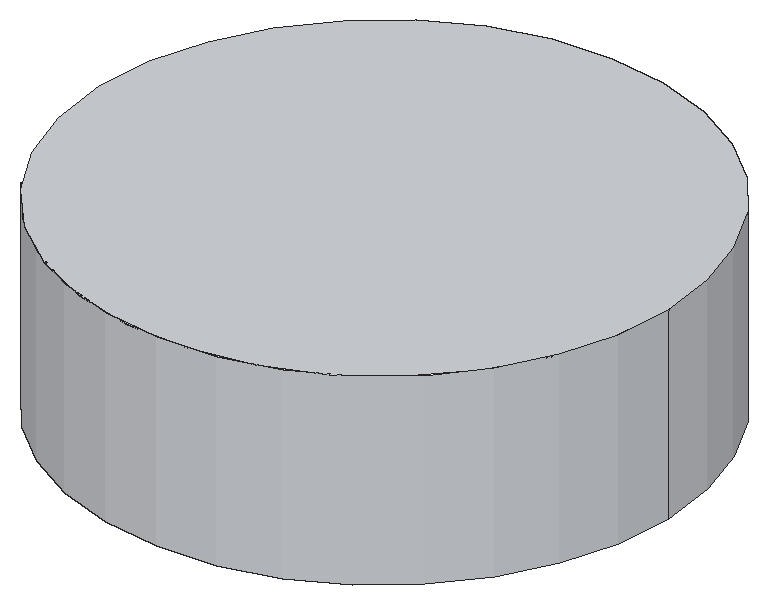
Revit family "Ceiling Family Template", category Ceilings, Revit 2025
Family settings
  Work Plane-Based = No
  Always vertical = No
  Cut with Voids When Loaded = No
  Shared = No
Reference planes
  plane 1: y = 0
  plane 2: z = 0
  plane 3: x = 0
Forms (mm)
  Extrusion 1, solid
    sketch origin (0, 0, 0) x (1, 0, 0) y (0, 1, 0)
      loop
        circle (0, 0) r 380
    from 0 to 250
